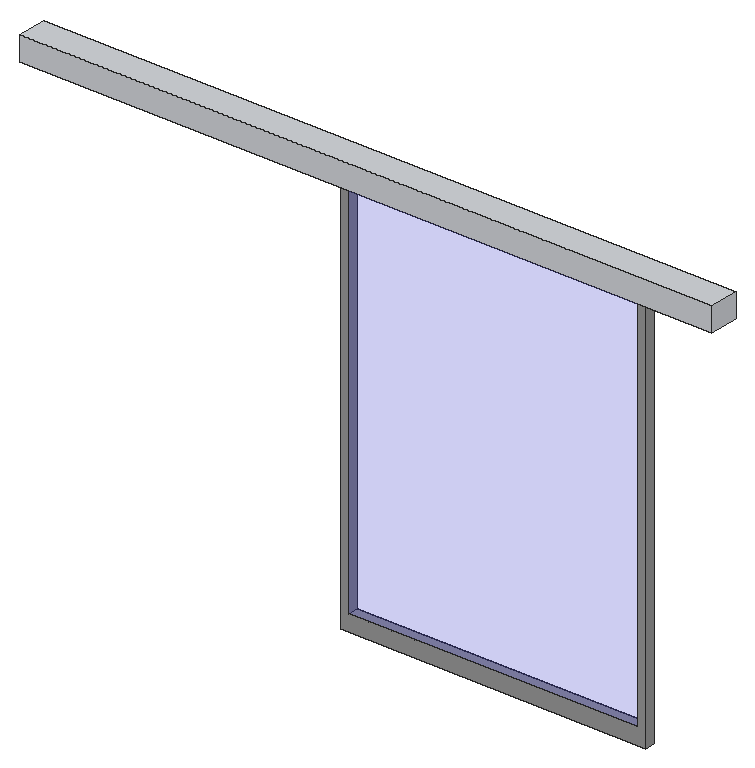
Revit family "DAS107PLUS 1AM  SX", category Porte, host Muro, Revit 2018
Family settings
  Host = Muro
  Numero OmniClass = 23.30.10.00
  Titolo OmniClass = Doors
  Sempre verticale = Sì
  Taglio con vuoti quando caricato = No
  Condiviso = No
  Punto di calcolo locali = No
Parameters
  Weight = 0.00 kN
  Uniclass 2015 Name = "Automatic sliding door operator"
  Uniclass 2.0 Description = "Sliding Doorset Systems"
  Uniclass 2.0 Code = "SS_25-30-20-77"
  Uniclass 1.4 Description = "Doors"
  Uniclass 1.4 Code = "JL20"
  Unicalss 2015 Code = "Pr 73_30_23_05"
  UNSPSC Code = "301715"
  Open door [instance] = if(Open, Larghezza, 1 mm)  # 1500 mm
  Open [instance] = yes
  Max Operator Length = 5600 mm
  Frame = Aluminum + Glass
  Region South America = "All"
  Region Oceania = "All"
  Region North America = "All"
  Region Middle East = "All"
  Region Europe = "All"
  Region Asia = "All"
  Region Antartica = "All"
  QR code = ""
  Protection rating = "IP20"
  Product group = "Sliding Automatic Doors"
  Product family = "Automatic Doors"
  Power supply = "100÷240 Vac @ 50/60 MHz"
  Operator = Aluminum
  Operating temperature = "-20 ° C / +50 ° C"
  OmniClass Description = "Doors"
  OmniClass Code = "23-17 11 00"
  NBS Reference Description = "Sliding Doorset Systems"
  NBS Reference Code = "25-30-20-77"
  Max nominal power = "75 W"
  Masterformat 2016 Description = "Operation and Maintenance of Sliding Glass Doors"
  Masterformat 2016 Code = "08 01 32"
  Manufacturer name = "Entrematic Italy"
  Manufacturer country = "China"
  Operator Length = 3400 mm
  Larghezza = 1500 mm
  IFC Classification = "Door"
  Gearmotor = "24V Vdc with encoder"
  Edition number = "1"
  Drive type = "electromechanical unit"
  Dimensions (H x D x L) = "120x140xL mm"
  Design country = "Italy"
  Description = "automation for sliding doors"
  Calc Width = if(Larghezza > 475 mm, Larghezza, 475 mm)  # 1500 mm
  Calc Operator Length [instance] = if(Operator Length < Calc Width + 20 mm, Calc Width + 20 mm, (if(Operator Length < Max Operator Length, Operator Length, 5600 mm)))  # 3400 mm
  Brand url = "http://www.ditecentrematic.com/"
  Brand = "Ditec"
  BIMobject Category = "Sliding"
  Chiusura muro = Per host
  Auxiliary power = "0.64 A @ 24 Vdc"
  Altezza = 2000 mm
Reference planes
  plane 1: y = 0
  plane 2 "Centro (Sinistra/Destra)": x = 0
  plane 3 "Sinistra": x = -750
  plane 4 "Destra": x = 750
  plane 5: z = 2000
  plane 6 "Esterni": y = 75
  plane 7 "Interno": y = -75
  plane 8: x = 2640
  plane 9: x = -760
  plane 10: y = -87
  plane 11: x = -750
  plane 12: x = 750
Lines and regions (mm)
  Opening 1
    outline origin (-3050, -75, 0) x (1, 0, 0) y (0, 0, 1)
      loop
        line (2300, 0) -> (3800, 0) -> (3800, 2000) -> (2300, 2000) -> (2300, 0)
Text (mm)
  text "Exterior" at (-2295.016, 1099.543, 0), in view "Livello rif."
  text "Exterior" at (0, 1615.38, 3698.081), in view "Sinistra"
  text "Exterior" at (0, 1036.032, 3874.932), in view "Destra"
Dimensions and locks
  equal spacing: plane 3 "Sinistra", plane 2 "Centro (Sinistra/Destra)", plane 4 "Destra"
  "Calc Width": plane 3 "Sinistra" to plane 4 "Destra"
  "Altezza": plane 5 to host wall
  host wall to plane 5 = 2000 mm  (x2)
  locked: plane 6 "Esterni" to host wall at 0
  locked: plane 7 "Interno" to host wall
  locked: plane 10 to plane 7 "Interno" at 12
  locked: plane 9 to plane 11 at 10
  "Calc Operator Length": plane 8 to plane 9
  "Open door": plane 11 to plane 12
  aligned and locked: plane 3 "Sinistra" to Opening 1 sketch curve
  aligned and locked: plane 5 to Opening 1 sketch curve  (x2)
  aligned and locked: Opening 1 sketch curve to plane 4 "Destra"
  aligned and locked: Opening 1 sketch curve to level
  aligned and locked: plane 1 to host wall
  aligned and locked: nested 1 to plane 10
  aligned and locked: plane 5 to nested 2
  aligned and locked: nested 2 to plane 7 "Interno"
  aligned and locked: nested 2 to plane 9
  aligned and locked: nested 1 to plane 12
  aligned and locked: plane 7 "Interno" to nested 3
  aligned and locked: nested 3 to plane 9
Nested families
  nested 1: "Frame" at (1566.978, -112, 0), Frame <- "Operator", Glass <- "Frame", Hight <- "Altezza", Length <- "Calc Width", type "Frame"
    with Length 1500 mm, Hight 2000 mm, Glass Aluminum + Glass, Frame Aluminum
  nested 2: "Operator" at (940, -146.5, 2000), Operator Length <- "Calc Operator Length", type "Operator"
    with Operator Material none, Operator Length 3400 mm
  nested 3: "Family1" at (-392.348, -140.409, 0), Operator <- "Calc Operator Length", type "Family1"
    with Operator 3400 mm
Connectors
  electrical at (940, -146.5, 2120)
    settings: on nested 2, index 1, voltage 100 V, apparent load 0 VA, apparent load phase1 0 VA, apparent load phase2 0 VA, apparent load phase3 0 VA, power factor 1, load classification "Altro", number of poles 1, system type 31, power factor state 1, is connector primary yes, connector utility no, sub classification motor no, connector description ""
Definition of nested family "Frame"
  Parameters (values of type "Frame")
    Glass [instance] = none
    Frame [instance] = none
    Length [instance] = 1000 mm
    Hight [instance] = 2000 mm
  Reference planes
    plane 1 "Centro (Fronte/Retro)": y = 0
    plane 2: z = 0
    plane 3 "Centro (Sinistra/Destra)": x = 0
    plane 4: x = 683.022
    plane 5: x = -316.978
    plane 6: x = -276.978
    plane 7: x = 643.022
    plane 8: z = 2000
    plane 9: y = -25
    plane 10: y = 25
    plane 11: z = 80
    plane 12: z = 1960
  Forms (mm)
    Extrusion 1, solid, material <- "Frame"
      sketch origin (0, 0, 0) x (1, 0, 0) y (0, 0, 1)
        loop
          line (683.022, 0) -> (683.022, 2000) -> (-316.978, 2000) -> (-316.978, 0) -> (683.022, 0)
        loop
          line (-276.978, 1960) -> (-276.978, 80) -> (643.022, 80) -> (643.022, 1960) -> (-276.978, 1960)
      from -25 to 25
    Extrusion 2, solid, material <- "Glass"
      sketch origin (0, 0, 0) x (1, 0, 0) y (0, 0, 1)
        loop
          line (643.022, 1960) -> (-276.978, 1960) -> (-276.978, 80) -> (643.022, 80) -> (643.022, 1960)
      from -25 to 25
  Dimensions and locks
    locked: plane 7 to plane 4 at 40
    locked: plane 5 to plane 6 at 40
    plane 8 to plane 2 = 2000 mm
    equal spacing: plane 10, plane 1 "Centro (Fronte/Retro)", plane 9, locked at 25 each
    locked: plane 12 to plane 8 at 40
    locked: plane 2 to plane 11 at 80
    "Length": plane 4 to plane 5
    "Hight": plane 8 to plane 2
    aligned and locked: level to plane 2
    aligned and locked: plane 4 to Extrusion 1 sketch curve
    aligned and locked: plane 2 to Extrusion 1 sketch curve
    aligned and locked: plane 5 to Extrusion 1 sketch curve
    aligned and locked: plane 8 to Extrusion 1 sketch curve
    aligned and locked: plane 12 to Extrusion 1 sketch curve
    aligned and locked: plane 7 to Extrusion 1 sketch curve
    aligned and locked: plane 11 to Extrusion 1 sketch curve
    aligned and locked: plane 6 to Extrusion 1 sketch curve
    aligned and locked: plane 10 to Extrusion 1
    aligned and locked: Extrusion 1 to plane 9
    aligned and locked: Extrusion 2 sketch curve to plane 12
    aligned and locked: Extrusion 2 sketch curve to plane 7
    aligned and locked: Extrusion 2 sketch curve to plane 6
    aligned and locked: Extrusion 2 sketch curve to plane 11
    aligned and locked: Extrusion 2 to plane 9
Definition of nested family "Operator"
  Parameters (values of type "Operator")
    Operator Material [instance] = none
    Operator Length [instance] = 3000 mm
  Reference planes
    plane 1 "Centro (Fronte/Retro)": y = 0
    plane 2: z = 0
    plane 3 "Centro (Sinistra/Destra)": x = 0
    plane 4: y = 71.5
    plane 5: y = -71.5
    plane 6: x = -1500
    plane 7: x = 1500
    plane 8: z = 120
  Forms (mm)
    Extrusion 1, solid, material <- "Operator Material"
      sketch origin (0, 0, 0) x (1, 0, 0) y (0, 1, 0)
        loop
          line (-1500, 71.5) -> (-1500, -71.5) -> (1500, -71.5) -> (1500, 71.5) -> (-1500, 71.5)
      from 0 to 120
  Dimensions and locks
    equal spacing: plane 6, plane 3 "Centro (Sinistra/Destra)", plane 7
    equal spacing: plane 4, plane 1 "Centro (Fronte/Retro)", plane 5
    plane 8 to plane 2 = 120 mm
    locked: plane 4 to plane 5 at 143
    "Operator Length": plane 6 to plane 7
    aligned and locked: level to plane 2
    aligned and locked: Extrusion 1 sketch curve to plane 4
    aligned and locked: Extrusion 1 sketch curve to plane 6
    aligned and locked: Extrusion 1 sketch curve to plane 5
    aligned and locked: Extrusion 1 sketch curve to plane 7
    aligned and locked: plane 8 to Extrusion 1
Definition of nested family "Family1"
  Parameters (values of type "Family1")
    Operator [instance] = 722.652 mm
  Reference planes
    plane 1 "Center (Front/Back)": y = 0
    plane 2: z = 0
    plane 3 "Center (Left/Right)": x = 0
    plane 4: x = -367.652
    plane 5: x = 355
    plane 6: y = 65.409
    plane 7: y = -77.591
    plane 8: y = -35.362
  Lines and regions (mm)
    detail lines, in view "Ref. Level"
      curve 1: line (-367.652, 65.409, 0) -> (355, 65.409, 0)
      curve 2: line (-367.652, -77.591, 0) -> (355, -77.591, 0)
      curve 3: line (-367.652, 65.409, 0) -> (-367.652, -77.591, 0)
      curve 4: line (355, 65.409, 0) -> (355, -77.591, 0)
  Dimensions and locks
    "Operator": plane 4 to plane 5
    locked: plane 6 to plane 7 at 143
  Automatic sketch dimensions
    curve 2 to plane 7 = 0 mm
    curve 1 to plane 6 = 0 mm
    curve 1 to plane 4 = 0 mm
    plane 5 to curve 2 = 0 mm
